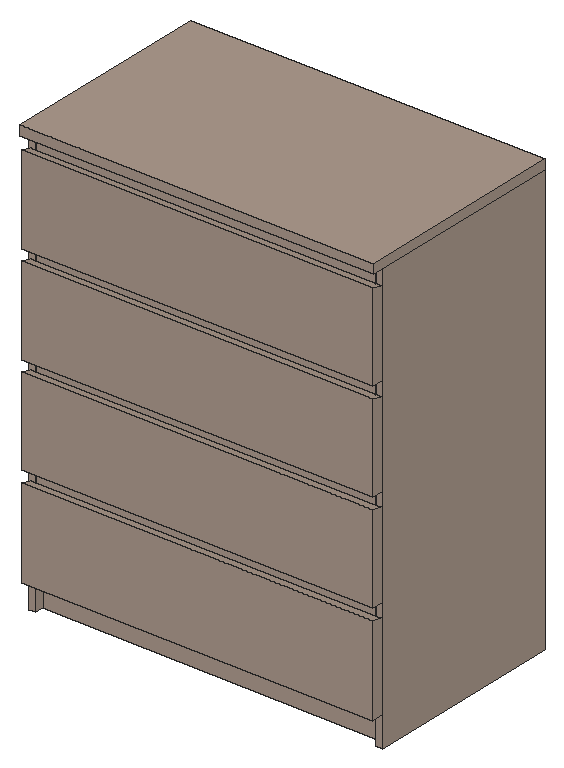
Revit family
Parameters
  Width = 2' - 7 5/8"
  Height = 3' - 3 1/4"
  Depth = 1' - 7"
Reference planes (in)
  plane 1 "Center Front/Back": y = 0
  plane 2: z = 0
  plane 3 "Center Left/Right": x = 0
  plane 4: x = 15.8125
  plane 5: x = -15.8125
  plane 6: y = 9.5
  plane 7: y = -9.5
  plane 8: z = 2.625
  plane 9: z = 10.625
  plane 10: z = 11.625
  plane 11: z = 19.5
  plane 12: z = 38.375
  plane 13: x = -15.1875
  plane 14: x = 15.1875
  plane 15: x = -15.6875
  plane 16: x = 15.6875
  plane 17: y = -8.5
  plane 18: y = -8.125
  plane 19: z = 18.5
  plane 20: z = 9.625
  plane 21: y = -7.75
  plane 22: y = -7.375
  plane 23: y = 9.125
  plane 24: y = 9.25
  plane 25: z = 39.25
  plane 26: z = 37.375
  plane 27: z = 38.375
  plane 28: z = 39.25
  plane 29: z = 20.5
  plane 30: z = 21.5
  plane 31: z = 19.5
  plane 32: z = 29.375
  plane 33: z = 30.375
  plane 34: z = 30.375
  plane 35: z = 31.375
  plane 36: z = 29.375
  plane 37: x = 15.8125
  plane 38: x = -15.8125
Forms (in)
  Extrusion 1, solid, material "Birch"
    sketch origin (0, 0, 0) x (0, 1, 0) y (0, 0, 1)
      loop
        line (9.5, 39.25) -> (-9.5, 39.25) -> (-9.5, 38.375) -> (9.5, 38.375) -> (9.5, 39.25)
    from -15.8125 to 15.8125
  Extrusion 2, solid, material "Birch"
    sketch origin (0, 0, 0) x (1, 0, 0) y (0, 0, 1)
      loop
        line (15.8125, 38.375) -> (15.1875, 38.375) -> (15.1875, 0) -> (15.8125, 0) -> (15.8125, 38.375)
      loop
        line (-15.8125, 38.375) -> (-15.8125, 0) -> (-15.1875, 0) -> (-15.1875, 38.375) -> (-15.8125, 38.375)
    from -9.5 to 8.5
  Extrusion 3, solid, material "Birch"
    sketch origin (0, 0, 0) x (0, 1, 0) y (0, 0, 1)
      loop
        line (-8.5, 19.25) -> (-9.5, 19.5) -> (-9.5, 11.625) -> (-8.5, 11.625) -> (-8.5, 19.25)
      loop
        line (-9.5, 10.625) -> (-9.5, 2.625) -> (-8.5, 2.625) -> (-8.5, 10.375) -> (-9.5, 10.625)
      loop
        line (-8.5, 28.125) -> (-9.5, 28.375) -> (-9.5, 20.5) -> (-8.5, 20.5) -> (-8.5, 28.125)
      loop
        line (-8.5, 37) -> (-9.5, 37.25) -> (-9.5, 29.375) -> (-8.5, 29.375) -> (-8.5, 37)
    from -15.6875 to 15.6875
  Extrusion 4, solid, material "Birch"
    sketch origin (0, 0, 0) x (0, 1, 0) y (0, 0, 1)
      loop
        line (-8.5, 20.5) -> (-8.5, 18.5) -> (-8.125, 18.5) -> (-8.125, 20.5) -> (-8.5, 20.5)
      loop
        line (-8.5, 11.625) -> (-8.5, 9.625) -> (-8.125, 9.625) -> (-8.125, 11.625) -> (-8.5, 11.625)
      loop
        line (-8.5, 29.375) -> (-8.5, 27.375) -> (-8.125, 27.375) -> (-8.125, 29.375) -> (-8.5, 29.375)
      loop
        line (-8.5, 38.375) -> (-8.5, 36.375) -> (-8.125, 36.375) -> (-8.125, 38.375) -> (-8.5, 38.375)
    from -15.1875 to 15.1875
  Extrusion 5, solid, material "Birch"
    sketch origin (0, 0, 0) x (0, 1, 0) y (0, 0, 1)
      loop
        line (-7.375, 2.625) -> (-7.75, 2.625) -> (-7.75, 0) -> (-7.375, 0) -> (-7.375, 2.625)
    from -15.1875 to 15.1875
  Extrusion 6, solid, material "Birch"
    sketch origin (0, 0, 0) x (0, 1, 0) y (0, 0, 1)
      loop
        line (9.5, 2.625) -> (9.125, 2.625) -> (9.125, 0) -> (9.5, 0) -> (9.5, 2.625)
    from -15.1875 to 15.1875
  Extrusion 7, solid, material "Back Board"
    sketch origin (0, 0, 0) x (0, 1, 0) y (0, 0, 1)
      loop
        line (9.25, 38.375) -> (9.125, 38.375) -> (9.125, 2.625) -> (9.25, 2.625) -> (9.25, 38.375)
    from -15.1875 to 15.1875
Dimensions and locks (in)
  "Depth": plane 7 to plane 6
  "Width": plane 38 to plane 37
  "Height": plane 28 to level
  aligned and locked: level to plane 2
  aligned and locked: plane 4 to Extrusion 1
  aligned and locked: plane 5 to Extrusion 1
  aligned and locked: Extrusion 1 to plane 6
  aligned and locked: plane 7 to Extrusion 1
  aligned and locked: Extrusion 2 to plane 6
  aligned and locked: Extrusion 2 to plane 17
  aligned and locked: Extrusion 3 to plane 15
  aligned and locked: plane 16 to Extrusion 3
  aligned and locked: plane 14 to Extrusion 4
  aligned and locked: Extrusion 4 to plane 13
  aligned and locked: Extrusion 5 to plane 13
  aligned and locked: plane 14 to Extrusion 5
  aligned and locked: Extrusion 6 to plane 13
  aligned and locked: plane 14 to Extrusion 6
  aligned and locked: Extrusion 7 to plane 8
  aligned and locked: plane 12 to Extrusion 7
  aligned and locked: plane 25 to Extrusion 1
  aligned and locked: Extrusion 1 to plane 27
  aligned and locked: Extrusion 2 to Extrusion 1
  aligned and locked: plane 5 to Extrusion 2
  aligned and locked: plane 13 to Extrusion 2
  aligned and locked: plane 4 to Extrusion 2
  aligned and locked: Extrusion 2 to plane 14
Automatic sketch dimensions
  Extrusion 1 sketch curve to plane 7 = 0' - 0"
  Extrusion 1 sketch curve to plane 6 = 0' - 0"
  Extrusion 1 sketch curve to plane 12 = 0' - 0"
  Extrusion 1 sketch curve to plane 25 = 0' - 0"
  Extrusion 2 sketch curve to level = 0' - 0"  (x2)
  plane 5 to Extrusion 2 sketch curve = 0' - 0"
  Extrusion 2 sketch curve to plane 13 = 0' - 0"
  Extrusion 2 sketch curve to plane 12 = 0' - 0"  (x2)
  Extrusion 2 sketch curve to plane 14 = 0' - 0"
  Extrusion 2 sketch curve to plane 4 = 0' - 0"
  Extrusion 3 sketch curve to plane 7 = 0' - 0"  (x4)
  Extrusion 3 sketch curve to plane 17 = 0' - 0"  (x4)
  Extrusion 3 sketch curve to plane 10 = 0' - 0"
  Extrusion 3 sketch curve to plane 8 = 0' - 0"
  Extrusion 3 sketch curve to plane 9 = 0' - 0"
  Extrusion 3 sketch curve to plane 11 = 0' - 0"
  Extrusion 3 sketch curve to plane 29 = 0' - 0"
  Extrusion 3 sketch curve to plane 32 = 0' - 0"
  Extrusion 3 sketch curve to plane 9 = 0' - 0 1/4"
  Extrusion 3 sketch curve to plane 11 = 0' - 0 1/4"
  Extrusion 3 sketch curve to plane 32 = 0' - 1 1/4"
  Extrusion 3 sketch curve to plane 32 = 0' - 1"
  Extrusion 3 sketch curve to plane 26 = 0' - 0 3/8"
  Extrusion 3 sketch curve to plane 26 = 0' - 0 1/8"
  Extrusion 4 sketch curve to plane 17 = 0' - 0"  (x4)
  Extrusion 4 sketch curve to plane 10 = 0' - 0"
  Extrusion 4 sketch curve to plane 18 = 0' - 0"  (x4)
  Extrusion 4 sketch curve to plane 12 = 0' - 0"
  Extrusion 4 sketch curve to plane 20 = 0' - 0"
  plane 19 to Extrusion 4 sketch curve = 0' - 0"
  Extrusion 4 sketch curve to plane 29 = 0' - 0"
  Extrusion 4 sketch curve to plane 32 = 0' - 0"
  Extrusion 4 sketch curve to plane 32 = 0' - 2"
  Extrusion 4 sketch curve to plane 26 = 0' - 1"
  Extrusion 5 sketch curve to plane 8 = 0' - 0"
  Extrusion 5 sketch curve to plane 21 = 0' - 0"
  Extrusion 5 sketch curve to level = 0' - 0"
  Extrusion 5 sketch curve to plane 22 = 0' - 0"
  Extrusion 6 sketch curve to plane 8 = 0' - 0"
  Extrusion 6 sketch curve to plane 23 = 0' - 0"
  Extrusion 6 sketch curve to level = 0' - 0"
  Extrusion 6 sketch curve to plane 6 = 0' - 0"
  Extrusion 7 sketch curve to plane 12 = 0' - 0"
  Extrusion 7 sketch curve to plane 23 = 0' - 0"
  Extrusion 7 sketch curve to plane 8 = 0' - 0"
  Extrusion 7 sketch curve to plane 24 = 0' - 0"
